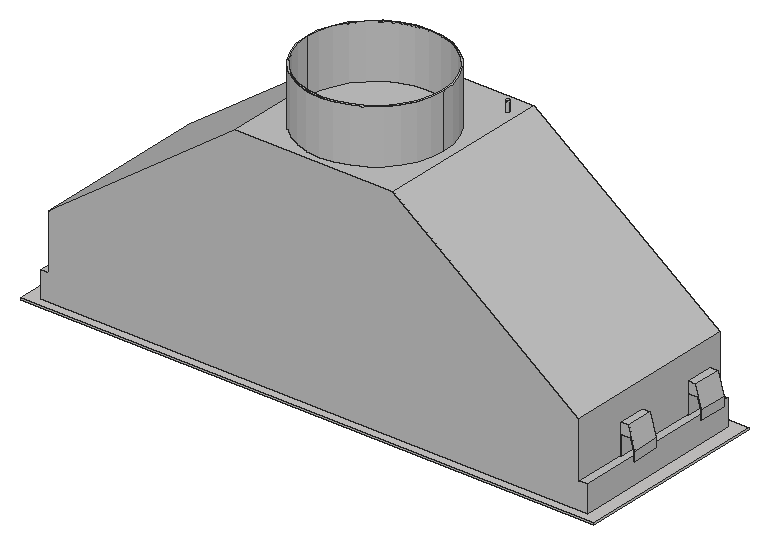
Revit family "FP_Revit_18_HP90IDCHEX3_Rangehood_90000961A", category Specialty Equipment, Revit 2018
Family settings
  Round Connector Dimension = Use Diameter
  Part Type = Normal
  OmniClass Number = 23.40.40.00
  OmniClass Title = Food Service Equipment and Furnishings
  Work Plane-Based = No
  Always vertical = Yes
  Cut with Voids When Loaded = Yes
  Shared = No
  Room Calculation Point = No
Parameters
  Visibility - Clearance Required = yes
  URL = "www.fisherpaykel.com"
  Product - Width = 830 mm  # constant formula
  Product - Height = 398 mm  # constant formula
  Product - Depth = 280 mm  # constant formula
  Model = "HP90IDCHEX3"
  Material - Trim = Fisher & Paykel - Stainless Steel
  Material - Glass = Fisher & Paykel - Glass, Black
  Material - Diffuser = Fisher & Paykel - White Bezel
  Material - Body = Fisher & Paykel - Grey
  Manufacturer = "Fisher & Paykel Appliances"
  Keynote = ""
  FFL Offset [instance] = 1550 mm
  Description = "90cm Built-in Integrated Rangehood (uses External Blower HB1200E)"
  Connector Description - Extraction = "Use rigid or semi-rigid ducting 200mm diameter, 1200m³/hr"
  Connector Description - Electrical = "220-240 V, 50Hz, 15 A fused electrical supply"
  Chassis - Width = 792 mm  # constant formula
  Chassis - Height = 318 mm  # constant formula
  Chassis - Depth = 255 mm  # constant formula
  Cavity - Width = 800 mm  # constant formula
  Cavity - Height = 400 mm  # constant formula
  Cavity - Depth = 260 mm  # constant formula
Reference planes
  plane 1 "Center (Front/Back)": y = 0
  plane 2: z = 0
  plane 3 "Center (Left/Right)": x = 0
  plane 4 "Product - LHS": x = -415
  plane 5 "Product - RHS": x = 415
  plane 6 "Product - Rear": y = 140
  plane 7 "Cavity - Rear": y = 130
  plane 8 "Chassis - LHS": x = -396
  plane 9 "Chassis - RHS": x = 396
  plane 10 "Product - Front": y = -140
  plane 11 "Cavity - Front": y = -130
  plane 12 "Chassis - Rear": y = 127.5
  plane 13 "Chassis - Front": y = -127.5
  plane 14 "Cavity - RHS": x = 400
  plane 15 "Cavity - LHS": x = -400
  plane 16 "FFL Offset": z = 1550
  plane 17 "Frame": z = 1548
Forms (mm)
  Extrusion 1, solid, material "Fisher & Paykel - Grey" <- "Material - Body"
    sketch origin (0, -130, 0) x (-1, 0, 0) y (0, 0, 1)
      loop
        line (-384, 1588) -> (-396, 1588) -> (-396, 1550) -> (396, 1550) -> (396, 1588) -> (384, 1588) -> (384, 1669) -> (115, 1868) -> (-115, 1868) -> (-384, 1669) -> (-384, 1588)
    from 2.5 to 257.5
  Extrusion 2, void
    sketch origin (0, 0, 0) x (0, 1, 0) y (0, 0, 1)
      loop
        line (-125, 1548) -> (-75, 1548) -> (-75, 1550) -> (-73, 1553.464) -> (-97.046, 1567.347) -> (-99.046, 1563.883) -> (-102, 1569) -> (-125, 1569) -> (-125, 1548)
      loop
        line (-59, 1548) -> (125, 1548) -> (125, 1568) -> (113, 1568) -> (113, 1578) -> (-59, 1578) -> (-59, 1548)
    from -395 to 395
  Extrusion 3, solid, material "Fisher & Paykel - Stainless Steel" <- "Material - Trim"
    sketch origin (0, 0, 0) x (1, 0, 0) y (0, 1, 0)
      loop
        line (-415, -140) -> (415, -140) -> (415, 140) -> (-415, 140) -> (-415, -140)
      loop
        line (-395, -125) -> (395, -125) -> (395, -75) -> (-395, -75) -> (-395, -125)
      loop
        line (-395, -59) -> (395, -59) -> (395, 125) -> (-395, 125) -> (-395, -59)
    from 1548 to 1550
  Extrusion 4, solid, material "Fisher & Paykel - Glass, Black" <- "Material - Glass", detail levels fine
    sketch origin (0, 0, 0) x (1, 0, 0) y (0, 1, 0)
      loop
        line (-376.825, -47.8) -> (377, -47.8) -> (377, 109.2) -> (-376.825, 109.2) -> (-376.825, -47.8)
    from 1548 to 1551
  Extrusion 5, solid, material "Fisher & Paykel - Grey"
    sketch origin (0, 0, 0) x (1, 0, 0) y (0, 1, 0)
      loop
        circle (0.024, -17) r 99.999
      loop
        circle (0.024, -17) r 98
    from 1868 to 1946
  Extrusion 6, solid, material "Fisher & Paykel - Grey" <- "Material - Body", detail levels fine
    sketch origin (0, 0, 0) x (1, 0, 0) y (0, 1, 0)
      loop
        circle (-99, 100) r 2.487
      loop
        circle (99, 100) r 2.458
    from 1868 to 1881.6
  Extrusion 7, solid, material "Fisher & Paykel - White Bezel" <- "Material - Diffuser", detail levels fine
    sketch origin (0, 0, 1550) x (0, 1, 0) y (0, 0, 1)
      loop
        line (-118, 19) -> (-118, 18) -> (-107, 18) -> (-107, 19) -> (-118, 19)
    from -362.5 to 362.5
  Extrusion 8, solid, material "Fisher & Paykel - Clearance Required", visible <- "Visibility - Clearance Required", detail levels coarse
    sketch origin (0, 0, 0) x (1, 0, 0) y (0, 1, 0)
      loop
        circle (0, -17) r 105
    from 1950 to 2000
  Extrusion 9, solid, material "Fisher & Paykel - Glass, Black" <- "Material - Glass", detail levels fine
    sketch origin (0, 0, 1550) x (0, 1, 0) y (0, 0, 1)
      loop
        line (-97.046, 17.347) -> (-99.046, 13.883) -> (-75, 0) -> (-73, 3.464) -> (-97.046, 17.347)
    from -395 to 395
  Extrusion 10, solid, material "Fisher & Paykel - Grey" <- "Material - Body", detail levels medium+fine
    sketch origin (0, 0, 1550) x (1, 0, 0) y (0, 0, 1)
      loop
        line (-398.781, 66) -> (-386, 66) -> (-386, 38) -> (-384, 38) -> (-384, 82) -> (-396.281, 82) -> (-405, 51) -> (-405, 38) -> (-403, 38) -> (-403, 51) -> (-398.781, 66)
      loop
        line (398.781, 66) -> (403, 51) -> (403, 38) -> (405, 38) -> (405, 51) -> (396.281, 82) -> (384, 82) -> (384, 38) -> (386, 38) -> (386, 66) -> (398.781, 66)
    from -108 to -69
  Extrusion 11, solid, material "Fisher & Paykel - Grey" <- "Material - Body", detail levels medium+fine
    sketch origin (0, 0, 1550) x (1, 0, 0) y (0, 0, -1)
      loop
        line (-396.437, -66) -> (-403, -42.667) -> (-403, -38) -> (-405, -38) -> (-405, -51) -> (-396.281, -82) -> (-384, -82) -> (-384, -38) -> (-386, -38) -> (-386, -66) -> (-396.437, -66)
      loop
        line (398.781, -66) -> (386, -66) -> (386, -38) -> (384, -38) -> (384, -82) -> (396.281, -82) -> (405, -51) -> (405, -38) -> (403, -38) -> (403, -51) -> (398.781, -66)
    from -14 to -53
  Extrusion 12, solid, material "Fisher & Paykel - Clearance Required", visible <- "Visibility - Clearance Required", detail levels coarse
    sketch origin (0, 0, 0) x (1, 0, 0) y (0, 1, 0)
      loop
        line (-400, 130) -> (-400, -130) -> (400, -130) -> (400, 130) -> (-400, 130)
    from 1550 to 1950
  Extrusion 13, solid, material "Fisher & Paykel - White Bezel" <- "Material - Diffuser", not visible, detail levels fine
    sketch origin (0, 0, 0) x (0, 1, 0) y (0, 0, 1)
      loop
        line (-118, 19) -> (-118, 18) -> (-107, 18) -> (-107, 19) -> (-118, 19)
    from -362.5 to 362.5
  Extrusion 14, solid, material "Fisher & Paykel - Glass, Black" <- "Material - Glass", not visible, detail levels fine
    sketch origin (0, 0, 0) x (0, 1, 0) y (0, 0, 1)
      loop
        line (-97.046, 17.347) -> (-99.046, 13.883) -> (-75, 0) -> (-73, 3.464) -> (-97.046, 17.347)
    from -395 to 395
  Extrusion 15, solid, material "Fisher & Paykel - Grey" <- "Material - Body", not visible, detail levels medium+fine
    sketch origin (0, 0, 0) x (1, 0, 0) y (0, 0, 1)
      loop
        line (-398.781, 66) -> (-386, 66) -> (-386, 38) -> (-384, 38) -> (-384, 82) -> (-396.281, 82) -> (-405, 51) -> (-405, 38) -> (-403, 38) -> (-403, 51) -> (-398.781, 66)
      loop
        line (398.781, 66) -> (403, 51) -> (403, 38) -> (405, 38) -> (405, 51) -> (396.281, 82) -> (384, 82) -> (384, 38) -> (386, 38) -> (386, 66) -> (398.781, 66)
    from -108 to -69
  Extrusion 16, solid, material "Fisher & Paykel - Grey" <- "Material - Body", not visible, detail levels medium+fine
    sketch origin (0, 0, 0) x (1, 0, 0) y (0, 0, -1)
      loop
        line (-396.437, -66) -> (-403, -42.667) -> (-403, -38) -> (-405, -38) -> (-405, -51) -> (-396.281, -82) -> (-384, -82) -> (-384, -38) -> (-386, -38) -> (-386, -66) -> (-396.437, -66)
      loop
        line (398.781, -66) -> (386, -66) -> (386, -38) -> (384, -38) -> (384, -82) -> (396.281, -82) -> (405, -51) -> (405, -38) -> (403, -38) -> (403, -51) -> (398.781, -66)
    from -14 to -53
  Extrusion 17, void
    sketch origin (0, 0, 0) x (1, 0, 0) y (0, 1, 0)
      loop
        line (-400, 130) -> (-400, -130) -> (400, -130) -> (400, 130) -> (-400, 130)
    from 1550 to 1950
  Extrusion 18, void
    sketch origin (0, 0, 0) x (1, 0, 0) y (0, 1, 0)
      loop
        circle (0, -17) r 105
    from 1950 to 2000
Cuts and joins
  Extrusion 2 cuts Extrusion 1
Text (mm)
  text "Due to ongoing product development, product details are subject to change without notice. \nPlease always refer to www.fisherpaykel.com for the most current product information. \n© Fisher & Paykel 2020" at (41.04, -1044.323, 0), in view "Ref. Level (Plan)"
Dimensions and locks
  equal spacing: plane 4 "Product - LHS", plane 3 "Center (Left/Right)", plane 5 "Product - RHS"
  equal spacing: plane 8 "Chassis - LHS", plane 3 "Center (Left/Right)", plane 9 "Chassis - RHS"
  "Chassis - Width": plane 8 "Chassis - LHS" to plane 9 "Chassis - RHS"
  equal spacing: plane 11 "Cavity - Front", plane 1 "Center (Front/Back)", plane 7 "Cavity - Rear"
  equal spacing: plane 12 "Chassis - Rear", plane 1 "Center (Front/Back)", plane 13 "Chassis - Front"
  equal spacing: plane 6 "Product - Rear", plane 1 "Center (Front/Back)", plane 10 "Product - Front"
  "Cavity - Depth": plane 11 "Cavity - Front" to plane 7 "Cavity - Rear"
  "Product - Depth": plane 6 "Product - Rear" to plane 10 "Product - Front"
  "Product - Width": plane 4 "Product - LHS" to plane 5 "Product - RHS"
  "Chassis - Depth": plane 12 "Chassis - Rear" to plane 13 "Chassis - Front"
  equal spacing: plane 15 "Cavity - LHS", plane 3 "Center (Left/Right)", plane 14 "Cavity - RHS"
  plane 15 "Cavity - LHS" to plane 14 "Cavity - RHS" = 800 mm
  "Cavity - Width": plane 15 "Cavity - LHS" to plane 14 "Cavity - RHS"
  "FFL Offset": plane 16 "FFL Offset" to level
  locked: plane 16 "FFL Offset" to Extrusion 1 sketch curve at 38  (x2)
  locked: plane 16 "FFL Offset" to Extrusion 1 sketch curve at 119  (x2)
  locked: plane 16 "FFL Offset" to plane 17 "Frame" at 2
  "Chassis - Height": cut or joined group of Extrusion 1, Extrusion 2 to plane 16 "FFL Offset"
  locked: Extrusion 5 to plane 16 "FFL Offset" at 396
  locked: Extrusion 6 to plane 16 "FFL Offset" at 331.6
  locked: plane 16 "FFL Offset" to Extrusion 2 sketch curve at 19
  locked: Extrusion 2 sketch curve to plane 16 "FFL Offset" at 13.883
  locked: Extrusion 2 sketch curve to plane 16 "FFL Offset" at 17.347
  locked: Extrusion 2 sketch curve to plane 16 "FFL Offset" at 3.464
  locked: plane 16 "FFL Offset" to Extrusion 2 sketch curve at 18
  locked: plane 16 "FFL Offset" to Extrusion 2 sketch curve at 28
  locked: Extrusion 4 to plane 17 "Frame" at 3
  locked: Extrusion 11 to plane 16 "FFL Offset" at 82
  "Product - Height": Extrusion 5 to plane 17 "Frame"
  locked: Extrusion 8 to Extrusion 12 at 50
  "Cavity - Height": Extrusion 12 to plane 16 "FFL Offset"
  aligned and locked: level to plane 2
  aligned and locked: plane 12 "Chassis - Rear" to Extrusion 1
  aligned and locked: Extrusion 1 to plane 13 "Chassis - Front"
  aligned and locked: plane 7 "Cavity - Rear" to Extrusion 12 sketch curve
  aligned and locked: Extrusion 12 sketch curve to plane 15 "Cavity - LHS"
  aligned and locked: plane 11 "Cavity - Front" to Extrusion 12 sketch curve
  aligned and locked: Extrusion 12 sketch curve to plane 14 "Cavity - RHS"
  aligned and locked: Extrusion 12 to Extrusion 8
  aligned and locked: Extrusion 1 sketch curve to plane 16 "FFL Offset"
  aligned and locked: Extrusion 3 to cut or joined group of Extrusion 1, Extrusion 2
  aligned and locked: Extrusion 3 to plane 17 "Frame"
  aligned and locked: Extrusion 5 to cut or joined group of Extrusion 1, Extrusion 2
  aligned and locked: Extrusion 6 to cut or joined group of Extrusion 1, Extrusion 2
  aligned and locked: Extrusion 2 sketch curve to Extrusion 2 sketch curve
  aligned and locked: Extrusion 2 sketch curve to plane 17 "Frame"
  aligned and locked: Extrusion 3 to Extrusion 4
  aligned and locked: Extrusion 12 to cut or joined group of Extrusion 1, Extrusion 2
  aligned and locked: Extrusion 17 to Extrusion 8
  aligned and locked: Extrusion 17 to cut or joined group of Extrusion 1, Extrusion 2
  aligned and locked: Extrusion 18 to Extrusion 8  (x2)
Automatic sketch dimensions
  Extrusion 7 sketch curve to Extrusion 7 sketch curve = 11 mm
  Extrusion 7 sketch curve to Extrusion 7 sketch curve = 1 mm
  Extrusion 9 sketch curve to Extrusion 9 sketch curve = 2 mm
  Extrusion 9 sketch curve to Extrusion 9 sketch curve = 24.046 mm
  Extrusion 10 sketch curve to Extrusion 10 sketch curve = 2 mm  (x3)
  Extrusion 10 sketch curve to Extrusion 10 sketch curve = 0 mm  (x5)
  Extrusion 10 sketch curve to Extrusion 10 sketch curve = 13 mm  (x2)
  Extrusion 10 sketch curve to Extrusion 10 sketch curve = 15 mm  (x2)
  Extrusion 10 sketch curve to Extrusion 10 sketch curve = 16 mm  (x2)
  Extrusion 11 sketch curve to Extrusion 11 sketch curve = 2 mm  (x3)
  Extrusion 11 sketch curve to Extrusion 11 sketch curve = 16 mm  (x2)
  Extrusion 11 sketch curve to Extrusion 11 sketch curve = 15 mm  (x2)
  Extrusion 11 sketch curve to Extrusion 11 sketch curve = 0 mm  (x2)
  Extrusion 11 sketch curve to Extrusion 11 sketch curve = 8.333 mm
  Extrusion 11 sketch curve to Extrusion 11 sketch curve = 13 mm  (x2)
  Extrusion 11 sketch curve to Extrusion 11 sketch curve = 4.667 mm  (x2)
  Extrusion 9 sketch curve to Extrusion 9 sketch curve = 3.464 mm
  Extrusion 10 sketch curve to Extrusion 10 sketch curve = 4.219 mm
  Extrusion 10 sketch curve to Extrusion 10 sketch curve = 2.5 mm
  Extrusion 10 sketch curve to Extrusion 10 sketch curve = 17 mm  (x2)
  Extrusion 10 sketch curve to Extrusion 10 sketch curve = 12.281 mm  (x2)
  Extrusion 10 sketch curve to Extrusion 10 sketch curve = 768 mm
  Extrusion 10 sketch curve to Extrusion 10 sketch curve = 12.781 mm
  Extrusion 11 sketch curve to Extrusion 11 sketch curve = 8.563 mm
  Extrusion 11 sketch curve to Extrusion 11 sketch curve = 0.156 mm
  Extrusion 11 sketch curve to Extrusion 11 sketch curve = 17 mm  (x2)
  Extrusion 11 sketch curve to Extrusion 11 sketch curve = 12.281 mm  (x2)
  Extrusion 11 sketch curve to Extrusion 11 sketch curve = 768 mm
  Extrusion 11 sketch curve to Extrusion 11 sketch curve = 12.781 mm
  Extrusion 13 sketch curve to Extrusion 13 sketch curve = 11 mm
  Extrusion 13 sketch curve to Extrusion 13 sketch curve = 1 mm
  Extrusion 14 sketch curve to Extrusion 14 sketch curve = 2 mm
  Extrusion 14 sketch curve to Extrusion 14 sketch curve = 24.046 mm
  Extrusion 15 sketch curve to Extrusion 15 sketch curve = 2 mm  (x3)
  Extrusion 15 sketch curve to Extrusion 15 sketch curve = 0 mm  (x5)
  Extrusion 15 sketch curve to Extrusion 15 sketch curve = 13 mm  (x2)
  Extrusion 15 sketch curve to Extrusion 15 sketch curve = 15 mm  (x2)
  Extrusion 15 sketch curve to Extrusion 15 sketch curve = 16 mm  (x2)
  Extrusion 16 sketch curve to Extrusion 16 sketch curve = 2 mm  (x3)
  Extrusion 16 sketch curve to Extrusion 16 sketch curve = 16 mm  (x2)
  Extrusion 16 sketch curve to Extrusion 16 sketch curve = 15 mm  (x2)
  Extrusion 16 sketch curve to Extrusion 16 sketch curve = 0 mm  (x2)
  Extrusion 16 sketch curve to Extrusion 16 sketch curve = 8.333 mm
  Extrusion 16 sketch curve to Extrusion 16 sketch curve = 13 mm  (x2)
  Extrusion 16 sketch curve to Extrusion 16 sketch curve = 4.667 mm  (x2)
  Extrusion 14 sketch curve to Extrusion 14 sketch curve = 3.464 mm
  Extrusion 15 sketch curve to Extrusion 15 sketch curve = 4.219 mm
  Extrusion 15 sketch curve to Extrusion 15 sketch curve = 2.5 mm
  Extrusion 15 sketch curve to Extrusion 15 sketch curve = 17 mm  (x2)
  Extrusion 15 sketch curve to Extrusion 15 sketch curve = 12.281 mm  (x2)
  Extrusion 15 sketch curve to Extrusion 15 sketch curve = 768 mm
  Extrusion 15 sketch curve to Extrusion 15 sketch curve = 12.781 mm
  Extrusion 16 sketch curve to Extrusion 16 sketch curve = 8.563 mm
  Extrusion 16 sketch curve to Extrusion 16 sketch curve = 0.156 mm
  Extrusion 16 sketch curve to Extrusion 16 sketch curve = 17 mm  (x2)
  Extrusion 16 sketch curve to Extrusion 16 sketch curve = 12.281 mm  (x2)
  Extrusion 16 sketch curve to Extrusion 16 sketch curve = 768 mm
  Extrusion 16 sketch curve to Extrusion 16 sketch curve = 12.781 mm
  Extrusion 1 sketch curve to plane 9 "Chassis - RHS" = 0 mm
  Extrusion 1 sketch curve to Extrusion 1 sketch curve = 12 mm
  plane 3 "Center (Left/Right)" to Extrusion 1 sketch curve = 115 mm
  Extrusion 1 sketch curve to plane 3 "Center (Left/Right)" = 115 mm
  Extrusion 1 sketch curve to plane 8 "Chassis - LHS" = 12 mm
  Extrusion 1 sketch curve to plane 8 "Chassis - LHS" = 0 mm
  plane 16 "FFL Offset" to Extrusion 1 sketch curve = 318 mm
  Extrusion 2 sketch curve to plane 16 "FFL Offset" = 0 mm
  plane 13 "Chassis - Front" to Extrusion 2 sketch curve = 2.5 mm
  Extrusion 2 sketch curve to Extrusion 2 sketch curve = 23 mm
  Extrusion 2 sketch curve to Extrusion 2 sketch curve = 2.954 mm
  Extrusion 2 sketch curve to Extrusion 2 sketch curve = 2 mm
  Extrusion 2 sketch curve to Extrusion 2 sketch curve = 14 mm
  Extrusion 2 sketch curve to plane 12 "Chassis - Rear" = 14.5 mm
  Extrusion 2 sketch curve to plane 12 "Chassis - Rear" = 2.5 mm
  Extrusion 3 sketch curve to plane 4 "Product - LHS" = 0 mm
  Extrusion 3 sketch curve to plane 5 "Product - RHS" = 0 mm
  Extrusion 3 sketch curve to plane 8 "Chassis - LHS" = 1 mm  (x2)
  Extrusion 3 sketch curve to plane 9 "Chassis - RHS" = 1 mm  (x2)
  Extrusion 3 sketch curve to plane 10 "Product - Front" = 0 mm
  plane 13 "Chassis - Front" to Extrusion 3 sketch curve = 2.5 mm
  Extrusion 3 sketch curve to Extrusion 3 sketch curve = 50 mm
  Extrusion 3 sketch curve to Extrusion 3 sketch curve = 16 mm
  Extrusion 3 sketch curve to plane 12 "Chassis - Rear" = 2.5 mm
  plane 6 "Product - Rear" to Extrusion 3 sketch curve = 0 mm
  Extrusion 4 sketch curve to plane 8 "Chassis - LHS" = 19.175 mm
  Extrusion 4 sketch curve to plane 9 "Chassis - RHS" = 19 mm
  plane 1 "Center (Front/Back)" to Extrusion 4 sketch curve = 47.8 mm
  Extrusion 4 sketch curve to plane 12 "Chassis - Rear" = 18.3 mm
  Extrusion 5 sketch curve to Extrusion 5 sketch curve = 0 mm  (x2)
  plane 3 "Center (Left/Right)" to Extrusion 5 sketch curve = 0.024 mm
  plane 1 "Center (Front/Back)" to Extrusion 5 sketch curve = 17 mm
  Extrusion 6 sketch curve to plane 12 "Chassis - Rear" = 27.5 mm  (x2)
  Extrusion 6 sketch curve to plane 3 "Center (Left/Right)" = 99 mm
  plane 3 "Center (Left/Right)" to Extrusion 6 sketch curve = 99 mm
  Extrusion 8 sketch curve to plane 3 "Center (Left/Right)" = 0 mm
  plane 1 "Center (Front/Back)" to Extrusion 8 sketch curve = 17 mm
  Extrusion 17 sketch curve to plane 11 "Cavity - Front" = 0 mm
  Extrusion 17 sketch curve to plane 15 "Cavity - LHS" = 0 mm
  Extrusion 17 sketch curve to plane 14 "Cavity - RHS" = 0 mm
  plane 7 "Cavity - Rear" to Extrusion 17 sketch curve = 0 mm
  Extrusion 18 sketch curve to plane 3 "Center (Left/Right)" = 0 mm
  plane 1 "Center (Front/Back)" to Extrusion 18 sketch curve = 17 mm
  radius of Extrusion 5 sketch curve = 99.999 mm
  radius of Extrusion 5 sketch curve = 98 mm
  radius of Extrusion 6 sketch curve = 2.487 mm
  radius of Extrusion 6 sketch curve = 2.458 mm
  radius of Extrusion 8 sketch curve = 105 mm
  radius of Extrusion 18 sketch curve = 105 mm
Connectors
  hvac at (0.024, -17, 1946), driven by "Connector Description - Extraction"
    settings: on Extrusion 5, index 2, duct flow 0.0 L/s, flow factor 0, pres drop 0.0 Pa, loss coef 0, conn angle 0.00°, conn width 304.8 mm, conn height 304.8 mm, conn diameter 200 mm, duct sys type 4, conn prof type 0, flow config 0, flow direction 2, loss method 0, conn ref index -1, conn util no, is conn primary yes, conn desc "Use rigid or semi-rigid ducting 200mm diameter, 1200m³/hr"
  electrical at (-99, 100, 1881.6), driven by "Connector Description - Electrical"
    settings: on Extrusion 6, index 3, voltage 230 V, apparent load 0 VA, apparent load phase1 0 VA, apparent load phase2 0 VA, apparent load phase3 0 VA, power factor 1, load classification "Other", number of poles 1, system type 30, power factor state 1, is connector primary yes, connector utility no, sub classification motor no, connector description "220-240 V, 50Hz, 15 A fused electrical supply"
